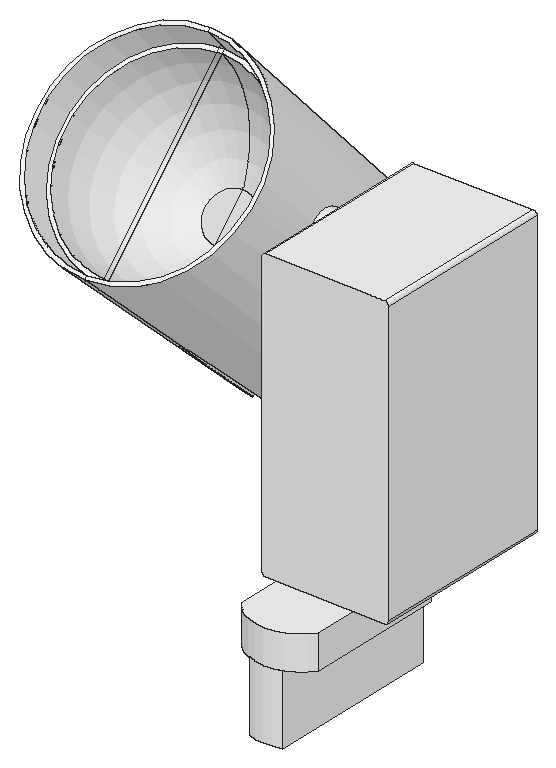
Revit family "0004860 Feilo Sylvania Lighting Fixture START TRACK SPOT S 14W 3K RA90 MB WHITE", category Lighting Fixtures, host Face, Revit 2017 (continued)
Definition of nested family "Start Track Spot Head"
  Types (96, lengths in mm): name | Wattage | built-in parameter 1150134 | Photometric Web File | Model | built-in parameter 1150105 | Lumens | built-in parameter 1150107 | built-in parameter 1150106 | HeadThickness_FEILO | HeadRibOffset_FEILO | HeadRibDepth_FEILO | HeadRibCutWidth_FEILO | HeadRibCutOffset_FEILO | HeadReflectorRadius_FEILO | HeadReflectorOffset_FEILO | HeadLEDRadius_FEILO | HeadHeight_FEILO | HeadDiffusorOffset_FEILO | HeadDiaOut_FEILO | HeadDiaIn_FEILO | HeadAxisFromTop_FEILO | Emit from Circle Diameter | built-in parameter 1150104 | Description | Apparent Load
    0004812 START TRACK SPOT S 14W 3K RA80 MB WHITE | 14 W | (empty or 0) | "0004812.ies" | "START TRACK SPOT S 14W 3K RA80 MB WHITE" | 120.32 (stored number, unit not read) | 1512 lm | 3000 (stored number, unit not read) | 1.2032 (stored number, unit not read) | 1.5 | 4.179 | 55.714 | 7.167 | 50.87 | 50.588 | 55.714 | 9.556 | 117 | 9.435 | 86 | 77.477 | 69.354 | 77.477 | 10.034 (stored number, unit not read) | "Integrated LED spotlight, Textured White - RAL9016, compact and minimalist design, ideal for retail applications, die-cast aluminium body, passive cooling heatsink. Beam angle: 36°, color temperature: 3000K , total system power: 14W, total fixture output: 1508 lm, LOR: 100%, colour rendering: Ra: 80 typical, LED Chromaticity: 3 step MacAdam ellipse, lifetime: >50000 hours at L70B50, energy class: A++, A+, A, IR/UV free light source without heat radiation, operating voltage: 220-240V / 50-60Hz, drive current: 350mA, electronic driver, non-dimmable, power factor: 0.92, electrical protection: Class II, Global Track 3 Phase adapter suitable for Global trac 3-circuit tracks, ingress protection rating: IP20, suitable for internal environment only, horizontal rotation: 355°, vertical tilt: 90°, dimensions: Ø86x140x200, weight: 0.940kg." | 14 VA
    0004811 START TRACK SPOT S 14W 3K RA80 NB WHITE | 14 W | (empty or 0) | "0004811.ies" | "START TRACK SPOT S 14W 3K RA80 NB WHITE" | 123.66 (stored number, unit not read) | 1554 lm | 3000 (stored number, unit not read) | 1.2366 (stored number, unit not read) | 1.5 | 4.179 | 55.714 | 7.167 | 50.87 | 50.588 | 55.714 | 9.556 | 117 | 9.435 | 86 | 77.477 | 69.354 | 77.477 | 10.312 (stored number, unit not read) | "Integrated LED spotlight, Textured White - RAL9016, compact and minimalist design, ideal for retail applications, die-cast aluminium body, passive cooling heatsink. Beam angle: 12°, color temperature: 3000K , total system power: 14W, total fixture output: 1551 lm, LOR: 100%, colour rendering: Ra: 80 typical, LED Chromaticity: 3 step MacAdam ellipse, lifetime: >50000 hours at L70B50, energy class: A++, A+, A, IR/UV free light source without heat radiation, operating voltage: 220-240V / 50-60Hz, drive current: 350mA, electronic driver, non-dimmable, power factor: 0.92, electrical protection: Class II, Global Track 3 Phase adapter suitable for Global trac 3-circuit tracks, ingress protection rating: IP20, suitable for internal environment only, horizontal rotation: 355°, vertical tilt: 90°, dimensions: Ø86x140x200, weight: 0.940kg." | 14 VA
  Reference planes
    plane 1 "Center (Front/Back)": y = 0
    plane 2: z = 0
    plane 3 "Center (Left/Right)": x = 0
    plane 4: x = 43
    plane 5: x = -43
    plane 6: x = -38.739
    plane 7: x = 38.739
    plane 8: z = 69.354
    plane 9: z = -47.646
    plane 10: x = -41.5
    plane 11: x = -37.239
    plane 12: z = -38.211
    plane 13: z = -35.211
    plane 14: z = 8.068
    plane 15: x = -9.556
    plane 16: x = -28.667
    plane 17: x = -19.111
    plane 18: x = -27.167
    plane 19: x = -17.611
    plane 20: x = -8.056
    plane 21: z = 13.64
    plane 22: x = -29.667
    plane 23: x = -26.167
    plane 24: x = -20.111
    plane 25: x = -16.611
    plane 26: x = -10.556
    plane 27: x = -7.056
    plane 28: x = -36.239
    plane 29: x = -40.5
    plane 30: z = 65.175
    plane 31: z = 60.997
    plane 32: z = 56.818
    plane 33: z = 18.484
    plane 34: y = -43
    plane 35: y = 43
    plane 36: y = 3.583
    plane 37: y = -3.583
    plane 38: y = -2.583
    plane 39: y = 2.583
    plane 40: y = 46
    plane 41: z = 13.5
    plane 42: z = -13.5
    plane 43: y = 39
    plane 44: x = 4.708
    plane 45: x = -2.458
    plane 46: x = -1.458
    plane 47: x = 1.458
  Forms (mm)
    Extrusion 1, solid
      sketch origin (4.2, 0, 0) x (1, 0, 0) y (0, 1, 0)
        loop
          line (-1219.2, 1219.2) -> (-1219.2, -1219.2) -> (1219.2, -1219.2) -> (1219.2, 1219.2) -> (-1219.2, 1219.2)
      from 0 to -68.017
    Revolve 2, solid, material <- "Material_1_FEILO", detail levels medium+fine
      sketch origin (0, 0, 0) x (1, 0, 0) y (0, 0, 1)
        loop
          line (-43, -47.646) -> (-41.5, -47.646) -> (-40.5, -35.211) -> (-38.739, -35.211)
          arc (-38.739, -35.211) -> (-30.16, -9.517) -> (-9.556, 8.068) r 50.588
          line (-9.556, 8.068) -> (0, 8.068) -> (0, 13.64) -> (-16.611, 13.64) -> (-17.611, 60.997) -> (-19.111, 60.997) -> (-20.111, 13.64) -> (-36.239, 13.64) -> (-37.239, 69.354) -> (-38.739, 69.354) -> (-43, -47.646)
        axis (0, 69.354) -> (0, -47.646)
      angle from 360 to 0
    Extrusion 3, void
      sketch origin (0, 0, 0) x (0, 1, 0) y (0, 0, 1)
        loop
          line (-3.583, 69.354) -> (-2.583, 18.484) -> (1.932, 18.484) -> (2.932, 69.354) -> (-3.583, 69.354)
      from 43 to -43
    Revolve 4, solid, material <- "Material_2_FEILO", detail levels medium+fine
      sketch origin (0, 0, 0) x (1, 0, 0) y (0, 0, 1)
        loop
          line (-41.5, -38.211) -> (0, -38.211) -> (0, -35.211) -> (-41.5, -35.211) -> (-41.5, -38.211)
        axis (0, -35.211) -> (0, -38.211)
      angle from 360 to 0
    Revolve 5, solid, material <- "Material_1_FEILO"
      sketch origin (0, 0, 0) x (0, 1, 0) y (0, 0, 1)
        loop
          line (46, 0) -> (39, 0) -> (39, -13.5) -> (46, -13.5) -> (46, 0)
        axis (39, 0) -> (46, 0)
      angle from 360 to 0
    Revolve 6, solid, material <- "Material_1_FEILO", detail levels medium+fine
      sketch origin (0, 0, 0) x (1, 0, 0) y (0, 0, 1)
        loop
          line (-29.667, 13.64) -> (-26.167, 13.64) -> (-27.167, 65.175) -> (-28.667, 65.175) -> (-29.667, 13.64)
        loop
          line (-10.556, 13.64) -> (-7.056, 13.64) -> (-7.833, 56.818) -> (-9.778, 56.818) -> (-10.556, 13.64)
        axis (0, 65.175) -> (0, 13.64)
      angle from 360 to 0
    Extrusion 7, void
      sketch origin (0, 0, 0) x (1, 0, 0) y (0, 0, 1)
        loop
          line (4.708, 69.354) -> (-2.458, 69.354) -> (-1.458, 13.64) -> (1.458, 13.64) -> (4.708, 69.354)
      from -43 to 43
    Revolve 8, solid, material <- "Material_1_FEILO", detail levels coarse
      sketch origin (0, 0, 0) x (1, 0, 0) y (0, 0, 1)
        loop
          line (0, 69.354) -> (-38.739, 69.354) -> (-43, -47.646) -> (-41.5, -47.646) -> (-40.731, -38.211) -> (0, -38.211) -> (0, 69.354)
        axis (0, 69.354) -> (0, -47.646)
      angle from 360 to 0
  Cuts and joins
    Extrusion 3 cuts Revolve 2
    Extrusion 7 cuts Revolve 6
  Dimensions and locks
    equal spacing: plane 7, plane 3 "Center (Left/Right)", plane 6
    equal spacing: plane 4, plane 3 "Center (Left/Right)", plane 5
    "HeadDiaOut_FEILO": plane 4 to plane 5
    "HeadDiaIn_FEILO": plane 7 to plane 6
    "HeadHeight_FEILO": plane 8 to plane 9
    "HeadThickness_FEILO": plane 10 to plane 5
    "HeadThickness_FEILO": plane 11 to plane 6
    "HeadDiffusorOffset_FEILO": plane 12 to plane 9
    "HeadDiffusorThickness_FEILO": plane 13 to plane 12
    "HeadReflectorOffset_FEILO": plane 14 to plane 9
    "HeadLEDRadius_FEILO": plane 3 "Center (Left/Right)" to plane 15
    "HeadLEDRadius_FEILO": plane 15 to plane 17
    "HeadLEDRadius_FEILO": plane 17 to plane 16
    "HeadThickness_FEILO": plane 18 to plane 16
    "HeadThickness_FEILO": plane 19 to plane 17
    "HeadThickness_FEILO": plane 20 to plane 15
    "HeadRibDepth_FEILO": plane 8 to plane 21
    "HeadDraft_FEILO": plane 16 to plane 22
    "HeadDraft_FEILO": plane 23 to plane 18
    "HeadDraft_FEILO": plane 17 to plane 24
    "HeadDraft_FEILO": plane 25 to plane 19
    "HeadDraft_FEILO": plane 15 to plane 26
    "HeadDraft_FEILO": plane 27 to plane 20
    "HeadDraft_FEILO": plane 29 to plane 10
    "HeadDraft_FEILO": plane 28 to plane 11
    "HeadRibOffset_FEILO": plane 8 to plane 30
    "HeadRibOffset_FEILO": plane 30 to plane 31
    "HeadRibOffset_FEILO": plane 31 to plane 32
    "HeadAxisFromTop_FEILO": plane 8 to plane 2
    "HeadRibCutOffset_FEILO": plane 8 to plane 33
    equal spacing: plane 34, plane 1 "Center (Front/Back)", plane 35
    "HeadDiaOut_FEILO": plane 34 to plane 35
    equal spacing: plane 38, plane 1 "Center (Front/Back)", plane 39
    equal spacing: plane 37, plane 1 "Center (Front/Back)", plane 36
    "HeadRibCutWidth_FEILO": plane 37 to plane 36
    "HeadDraft_FEILO": plane 37 to plane 38
    locked: plane 35 to plane 40 at 3
    equal spacing: plane 41, plane 2, plane 42
    locked: plane 42 to plane 41 at 27
    locked: plane 43 to plane 35 at 4
    equal spacing: plane 45, imposter light, plane 44
    "HeadDraft_FEILO": plane 46 to plane 45
    "HeadRibCutWidth_FEILO": plane 44 to plane 45
    equal spacing: plane 47, plane 3 "Center (Left/Right)", plane 46
    "HeadReflectorRadius_FEILO": radius of Revolve 2 sketch curve
    aligned and locked: plane 2 to Extrusion 1
    aligned and locked: level to Extrusion 1
    aligned and locked: Revolve 2 sketch curve to plane 3 "Center (Left/Right)"  (x2)
    aligned and locked: plane 9 to Revolve 2 sketch curve  (x2)
    aligned and locked: plane 5 to Revolve 2 sketch curve
    aligned and locked: plane 10 to Revolve 2 sketch curve
    aligned and locked: plane 14 to Revolve 2 sketch curve
    aligned and locked: plane 8 to Revolve 2 sketch curve
    aligned and locked: Revolve 2 sketch curve to plane 13
    aligned and locked: plane 12 to Revolve 4 sketch curve
    aligned and locked: plane 3 "Center (Left/Right)" to Revolve 4 sketch curve
    aligned and locked: Revolve 4 sketch curve to plane 10
    aligned and locked: Revolve 4 sketch curve to plane 3 "Center (Left/Right)"
    aligned and locked: plane 12 to imposter light
    aligned and locked: imposter light to plane 1 "Center (Front/Back)"
    aligned and locked: Revolve 5 sketch curve to plane 2
    aligned and locked: plane 43 to Revolve 5 sketch curve
    aligned and locked: plane 42 to Revolve 5 sketch curve
    aligned and locked: Revolve 6 sketch curve to plane 3 "Center (Left/Right)"
    aligned and locked: plane 22 to Revolve 6 sketch curve
    aligned and locked: plane 30 to Revolve 6 sketch curve
    aligned and locked: plane 23 to Revolve 6 sketch curve
    aligned and locked: Revolve 6 sketch curve to plane 21  (x2)
    aligned and locked: plane 21 to Revolve 6 sketch curve
    aligned and locked: plane 17 to Revolve 2 sketch curve
    aligned and locked: plane 19 to Revolve 2 sketch curve
    aligned and locked: plane 31 to Revolve 2 sketch curve
    aligned and locked: plane 21 to Revolve 2 sketch curve
    aligned and locked: Extrusion 3 to plane 8
    aligned and locked: plane 33 to Extrusion 3
    aligned and locked: plane 8 to Extrusion 3 sketch curve
    aligned and locked: Extrusion 3 sketch curve to plane 33
    aligned and locked: Extrusion 3 to plane 5
    aligned and locked: plane 4 to Extrusion 3
    aligned and locked: plane 32 to Revolve 6 sketch curve
    aligned and locked: plane 44 to Extrusion 7 sketch curve
    aligned and locked: Extrusion 7 sketch curve to plane 8
    aligned and locked: plane 46 to Extrusion 7 sketch curve
    aligned and locked: plane 21 to Extrusion 7 sketch curve
    aligned and locked: plane 34 to Extrusion 7
    aligned and locked: Extrusion 7 to plane 35
    aligned and locked: Revolve 4 sketch curve to plane 13
    aligned and locked: Revolve 5 sketch curve to plane 40
    aligned and locked: Revolve 8 sketch curve to plane 3 "Center (Left/Right)"
    aligned and locked: Revolve 8 sketch curve to cut or joined group of Revolve 2, Extrusion 3  (x3)
    aligned and locked: plane 5 to Revolve 8 sketch curve
    aligned and locked: plane 3 "Center (Left/Right)" to Revolve 8 sketch curve
    aligned and locked: plane 12 to Revolve 8 sketch curve
  Automatic sketch dimensions
    Extrusion 1 sketch curve to Extrusion 1 sketch curve = 2438.4 mm  (x2)
    Extrusion 3 sketch curve to plane 37 = 0 mm
    Extrusion 3 sketch curve to plane 38 = 0 mm
    plane 39 to Extrusion 3 sketch curve = 0.651 mm
    Extrusion 3 sketch curve to plane 39 = 0.349 mm
    Revolve 6 sketch curve to plane 16 = 0 mm
    Revolve 6 sketch curve to plane 18 = 0 mm
    Revolve 6 sketch curve to plane 26 = 0 mm
    Revolve 6 sketch curve to plane 27 = 0 mm
    Revolve 6 sketch curve to plane 15 = 0.222 mm
    plane 9 to Revolve 6 sketch curve = 559.103 mm
    Revolve 6 sketch curve to plane 8 = 2535.555 mm
    plane 20 to Revolve 6 sketch curve = 0.222 mm
    Revolve 2 sketch curve to plane 29 = 0 mm
    Revolve 2 sketch curve to plane 6 = 0 mm  (x2)
    Revolve 2 sketch curve to plane 11 = 0 mm
    Revolve 2 sketch curve to plane 21 = 0 mm
    Revolve 2 sketch curve to plane 28 = 0 mm
    Revolve 2 sketch curve to plane 24 = 0 mm
    Revolve 2 sketch curve to plane 25 = 0 mm
    Revolve 2 sketch curve to plane 15 = 0 mm
    Revolve 2 sketch curve to Revolve 2 sketch curve = 557.155 mm
    Revolve 2 sketch curve to plane 8 = 2535.558 mm
    Extrusion 7 sketch curve to plane 45 = 0 mm
    Extrusion 7 sketch curve to plane 47 = 0 mm
    plane 9 to Revolve 4 sketch curve = 559.103 mm
    Revolve 4 sketch curve to plane 8 = 2535.555 mm
    Revolve 5 sketch curve to level = 0 mm
    plane 34 to Revolve 5 sketch curve = 1968.092 mm
    Revolve 5 sketch curve to plane 40 = 1405.763 mm
    Revolve 8 sketch curve to plane 6 = 0 mm
    Revolve 8 sketch curve to plane 29 = 0.231 mm
    plane 9 to Revolve 8 sketch curve = 559.103 mm
    Revolve 8 sketch curve to Revolve 8 sketch curve = 2535.555 mm
Definition of nested family "Start Track Spot Box"
  Parameters (values of type "Type Large White")
    URL = "http://www.feilosylvania.com"
    Type Image = (empty or 0)
    Type Comments = "n/a"
    Small_FEILO = no
    Material_3_FEILO = none
    Model = ""
    Manufacturer = "Feilo Sylvania"
    Keynote = ""
    Material_2_FEILO = none
    Description = ""
    Default Elevation = 1219.2 mm
    Cost = 0
    Material_1_FEILO = none
    BoxWidth_FEILO = 49 mm
    BoxStartAngle_FEILO [instance] = 0.00°
    BoxRadius_FEILO = 1.5 mm
    BoxHeight_FEILO = if(Small_FEILO, 112 mm, 136 mm)  # 136 mm
    BoxEndAngle_FEILO [instance] = BoxStartAngle_FEILO - 180.00°  # -180.00°
    BoxDepth_FEILO = if(Small_FEILO, 71.5 mm, 79 mm)  # 79 mm
    BoxAxisVerticalOffset_FEILO = 16 mm
    BoxAxisOffset_FEILO = BoxHeight_FEILO / 6.8  # 20 mm
    Assembly Code = ""
    Material_4_FEILO = none
  Types (4, lengths in mm): name | Small_FEILO | BoxHeight_FEILO | BoxDepth_FEILO | BoxAxisOffset_FEILO
    Type Large White | no | 136 | 79 | 20
    Type Small White | yes | 112 | 71.5 | 16.471
    Type Small Black | yes | 112 | 71.5 | 16.471
    Type Large Black | no | 136 | 79 | 20
  Reference planes
    plane 1 "Center (Front/Back)": y = 0
    plane 2: z = 0
    plane 3 "Center (Left/Right)": x = 0
    plane 4: x = 24.5
    plane 5: x = -24.5
    plane 6: y = 68
    plane 7: y = -68
    plane 8: z = 39.5
    plane 9: z = -39.5
    plane 10: y = -48
    plane 11: x = 30.5
    plane 12: x = 8.5
    plane 13: x = 21.5
    plane 14: y = 70
    plane 15: y = 72
    plane 16: x = 19.5
  Forms (mm)
    Extrusion 1, solid
      sketch origin (4.2, 0, 0) x (1, 0, 0) y (0, 1, 0)
        loop
          line (-1219.2, 1219.2) -> (-1219.2, -1219.2) -> (1219.2, -1219.2) -> (1219.2, 1219.2) -> (-1219.2, 1219.2)
      from 0 to -68.017
    Extrusion 2, solid, material <- "Material_1_FEILO"
      sketch origin (0, 0, 0) x (1, 0, 0) y (0, 1, 0)
        loop
          arc (-23, 68) -> (-24.061, 67.561) -> (-24.5, 66.5) r 1.5
          line (-24.5, 66.5) -> (-24.5, -66.5)
          arc (-24.5, -66.5) -> (-24.061, -67.561) -> (-23, -68) r 1.5
          line (-23, -68) -> (23, -68)
          arc (23, -68) -> (24.061, -67.561) -> (24.5, -66.5) r 1.5
          line (24.5, -66.5) -> (24.5, 66.5)
          arc (24.5, 66.5) -> (24.061, 67.561) -> (23, 68) r 1.5
          line (23, 68) -> (-23, 68)
      from -39.5 to 39.5
    Revolve 3, solid, not visible
      sketch origin (0, 0, 0) x (1, 0, 0) y (0, 1, 0)
        loop
          line (30.5, -48) -> (24.5, -48) -> (24.5, -68) -> (30.5, -68) -> (30.5, -48)
        axis (30.5, -48) -> (24.5, -48)
      angle from 0 <- "BoxStartAngle_FEILO" to -180 <- "BoxEndAngle_FEILO"
    Revolve 4, solid, material <- "Material_2_FEILO"
      sketch origin (0, 0, 0) x (1, 0, 0) y (0, 1, 0)
        loop
          line (8.5, 68) -> (19.5, 68) -> (19.5, 70) -> (21.5, 70) -> (21.5, 72) -> (8.5, 72) -> (8.5, 68)
        axis (8.5, 72) -> (8.5, 68)
      angle from 360 to 0
  Dimensions and locks
    equal spacing: plane 5, plane 3 "Center (Left/Right)", plane 4
    "BoxWidth_FEILO": plane 5 to plane 4
    equal spacing: plane 7, plane 1 "Center (Front/Back)", plane 6
    "BoxHeight_FEILO": plane 7 to plane 6
    equal spacing: plane 8, plane 2, plane 9
    "BoxDepth_FEILO": plane 8 to plane 9
    "BoxAxisOffset_FEILO": plane 7 to plane 10
    locked: plane 4 to plane 11 at 6
    "BoxAxisVerticalOffset_FEILO": plane 12 to plane 4
    locked: plane 12 to plane 13 at 13
    plane 6 to plane 14 to plane 15 = 2 mm locked, 2 mm locked
    locked: plane 12 to plane 16 at 11
    "BoxRadius_FEILO": radius of Extrusion 2 sketch curve  (x4)
    aligned and locked: plane 2 to Extrusion 1
    aligned and locked: level to Extrusion 1
    aligned and locked: plane 6 to Extrusion 2 sketch curve
    aligned and locked: plane 5 to Extrusion 2 sketch curve
    aligned and locked: Extrusion 2 sketch curve to plane 7
    aligned and locked: Extrusion 2 sketch curve to plane 4
    aligned and locked: Extrusion 2 to plane 8
    aligned and locked: plane 9 to Extrusion 2
    aligned and locked: Revolve 3 sketch curve to plane 10  (x2)
    aligned and locked: plane 11 to Revolve 3 sketch curve
    aligned and locked: Revolve 3 sketch curve to plane 4
    aligned and locked: plane 7 to Revolve 3 sketch curve
    aligned and locked: Revolve 4 sketch curve to plane 12
    aligned and locked: plane 6 to Revolve 4 sketch curve
    aligned and locked: plane 12 to Revolve 4 sketch curve
    aligned and locked: plane 15 to Revolve 4 sketch curve
    aligned and locked: Revolve 4 sketch curve to plane 13
    aligned and locked: Revolve 4 sketch curve to plane 14
    aligned and locked: Revolve 4 sketch curve to plane 16
    aligned and locked: Revolve 4 sketch curve to plane 6
  Automatic sketch dimensions
    Extrusion 1 sketch curve to Extrusion 1 sketch curve = 2438.4 mm  (x2)
    Revolve 3 sketch curve to plane 5 = 1499.5 mm
    plane 11 to Revolve 3 sketch curve = 1493.5 mm
    plane 15 to Revolve 4 sketch curve = 0 mm
    plane 7 to Revolve 4 sketch curve = 1456 mm
    Revolve 4 sketch curve to plane 15 = 1452 mm
